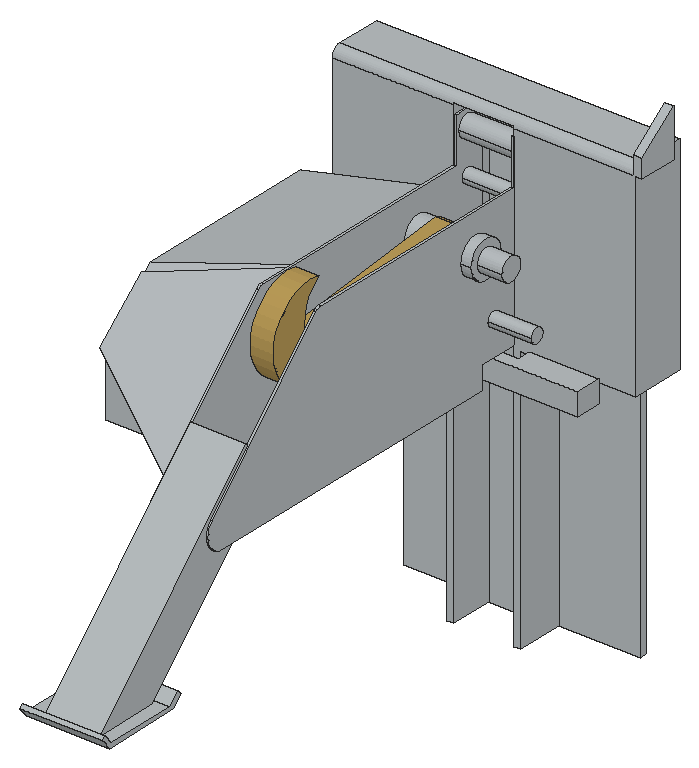
Revit family "Vehicle-Restraint_BlueGiant_HVR303", category Specialty Equipment, Revit 2026
Family settings
  Round Connector Dimension = Use Diameter
  Part Type = Normal
  Classification Number = 23.50.70.27
  Work Plane-Based = Yes
  Enable Cutting in Views = No
  Always vertical = No
  Cut with Voids When Loaded = No
  Maintain Annotation Orientation = No
  Shared = No
  Room Calculation Point = No
Parameters (values of type "HVR303")
  Warranty Duration (Years) = 0
  Unit Width = 1' - 4 1/2"
  Unit Weight = 0
  Unit Height = 2' - 3 7/8"
  Unit Depth = 2' - 7 3/4"
  URL = "http://www.bluegiant.com/"
  Standards Conformance = "ANSI MH30.3 Approved"
  Specification = "http://www.arcat.com/specwizard/clients/bluegian.html?coid=38505"
  SpecWizard = "http://www.arcat.com/specwizard/11160blu/index.htm?mf=&coid=38505"
  Send Message = "http://admin.arcat.com/users.pl?action=UserEmail&company=Blue%20Giant%20Equipment%20Corp.&coid=38505&rep=119&fax=905-457-2313&mf="
  Sales Information = "http://www.bluegiant.com/Loading_Dock_Dealer_Locations.html"
  Product Properties = "http://www.arcat.com/bim/bim_info.pl?fn=DockEquipment_BlueGiant"
  Product Data = "http://www.arcat.com/arcatcos/cos38/arc38505.html"
  Model = "HVR303"
  Manufacturer Website = "http://www.bluegiant.com/"
  Manufacturer Phone - Toll Free = "800-668-7078 "
  Manufacturer Phone = "905-457-3900 "
  Manufacturer Fax = "905-457-2313"
  Manufacturer Address = "85 Heart Lake Rd. S.; Brampton; ON; Canada L6W 3K2"
  Manufacturer = "Blue Giant Equipment Corp."
  Maintenance Schedule (Months) = 0
  Keynote = "11160"
  Installation_Fabricaton = "http://www.bluegiant.com/Guide/Loading_Dock_Equipment.html"
  Installation Phase = ""
  Green Building-LEED = "http://www.arcat.com/green/clients/leed_data_38505.html"
  Expected Lifespan (Years) = 0
  Panel Material = Metal - Blue Giant - Zinc Coated Steel
  Drawn By = "Sumex Design, Inc. / Robert S. Weygant. CSI, CDT, SCIP"
  Description = "Blue Giant HVR303 StrongArm Electric Vehicle Restraint"
  Default Elevation = 0' - 0"
  Copyright = "©Arcat Inc."
  Construction Details = "http://www.arcat.com/details/bluegian/bluegian.html?coid=38505"
  Capacity = "32000 lbs"
  Assembly Code = "E1030300"
  Arm Finish = Metal - Blue Giant - Arm Coating
Reference planes (in)
  plane 1 "Center (Front/Back)": y = -25.67379
  plane 2: z = 0
  plane 3 "Center": x = 909.25628
  plane 4 "Left": x = 917.50628
  plane 5 "Right": x = 901.00628
  plane 6 "Front": z = 27.875
  plane 7: y = -9.79879
  plane 8: y = -41.54879
  plane 9: x = 904.50628
  plane 10: x = 914.00628
  plane 11: z = 25.75
Forms (in)
  Blend 1, solid, material "Metal - Blue Giant - Zinc Coated Steel" <- "Panel Material"
    base sketch origin (939.41256, 925.34498, 0) x (0, -1, 0) y (0, 0, -1)
      loop
        line (938.14377, -18.97712) -> (939.33567, -20.03573) -> (949.58567, -20.03573) -> (952.6045, -17.4115) -> (952.6045, -13.6615) -> (940.6045, -13.6615) -> (939.72062, -14.54538) -> (938.14377, -14.54538) -> (938.14377, -18.97712)
    top sketch origin (939.41256, 925.34498, 0) x (0, -1, 0) y (0, 0, -1)
      loop
        line (938.14377, -20.72225) -> (939.1045, -21.68299) -> (947.69072, -21.68299) -> (952.6045, -17.4115) -> (952.6045, -13.6615) -> (940.6045, -13.6615) -> (939.72062, -14.54538) -> (938.14377, -14.54538) -> (938.14377, -20.72225)
    from -39.15628 to -31.78128
  Extrusion 2, solid, material "Metal - Blue Giant - Zinc Coated Steel" <- "Panel Material"
    sketch origin (912.25628, 924.97362, 0.12686) x (0, -1, 0) y (0, 0, 1)
      loop
        line (934.77241, 25.62314) -> (934.77241, 14.37314) -> (937.77241, 14.37314) -> (937.77241, 25.12314)
        arc (937.77241, 25.12314) -> (937.62596, 25.47669) -> (937.27241, 25.62314) r 0.5
        line (937.27241, 25.62314) -> (934.77241, 25.62314)
    from -5.25 to 11.25
  Extrusion 3, void
    sketch origin (-76.46504, -25.67379, 0) x (1, 0, 0) y (0, 0, 1)
      loop
        line (984.09632, 25.37314) -> (984.09632, 7.67327) -> (987.34632, 7.67327) -> (987.34632, 25.37314) -> (984.09632, 25.37314)
    from -15.21979 to -12.79815
  Extrusion 4, solid, material "Metal - Blue Giant - Zinc Coated Steel" <- "Panel Material"
    sketch origin (907.75628, 925.09093, 0) x (0, -1, 0) y (0, 0, 1)
      loop
        line (950.98265, 22.35061) -> (937.88972, 22.35061) -> (937.88972, 24.85061) -> (936.13972, 24.85061) -> (936.13972, 14.68474) -> (940.07337, 14.68474) -> (940.07337, 13.43474) -> (957.69141, 13.43474)
        arc (957.69141, 13.43474) -> (958.61529, 14.05206) -> (958.39852, 15.14185) r 1
        line (958.39852, 15.14185) -> (951.3362, 22.20417)
        arc (951.3362, 22.20417) -> (951.17399, 22.31255) -> (950.98265, 22.35061) r 0.5
    from 0 to 0.125
  Extrusion 5, solid, material "Metal - Blue Giant - Zinc Coated Steel" <- "Panel Material"
    sketch origin (910.75628, 925.09093, 0) x (0, -1, 0) y (0, 0, -1)
      loop
        arc (950.98265, -22.35061) -> (951.17399, -22.31255) -> (951.3362, -22.20417) r 0.5
        line (951.3362, -22.20417) -> (958.39852, -15.14185)
        arc (958.39852, -15.14185) -> (958.61529, -14.05206) -> (957.69141, -13.43474) r 1
        line (957.69141, -13.43474) -> (940.07337, -13.43474) -> (940.07337, -14.68474) -> (936.13972, -14.68474) -> (936.13972, -24.85061) -> (937.88972, -24.85061) -> (937.88972, -22.35061) -> (950.98265, -22.35061)
    from 0 to 0.125
  Extrusion 6, solid, material "Metal - Blue Giant - Zinc Coated Steel" <- "Panel Material"
    sketch origin (909.25628, 0, 0) x (0, 1, 0) y (0, 0, 1)
      loop
        circle (-12.07684, 24.02992) r 0.5972
      loop
        circle (-12.06963, 21.60316) r 0.38703
      loop
        circle (-15.44691, 20.25905) r 0.92181
    from -1.5 to 1.5
  Extrusion 7, solid, material "Metal - Blue Giant - Arm Coating" <- "Arm Finish"
    sketch origin (909.25628, 0, 0) x (0, 1, 0) y (0, 0, 1)
      loop
        line (-15.29048, 21.24674) -> (-25.70999, 20.15161)
        arc (-25.70999, 20.15161) -> (-25.74458, 21.71876) -> (-24.8473, 23.00409) r 2.5239
        arc (-24.8473, 23.00409) -> (-27.8602, 21.02678) -> (-25.80675, 18.06524) r 2.51641
        line (-25.80675, 18.06524) -> (-15.0645, 19.33506)
        arc (-15.0645, 19.33506) -> (-14.45383, 20.37644) -> (-15.29048, 21.24674) r 1
    from -0.625 to 0.625
  Extrusion 8, solid, material "Metal - Blue Giant - Zinc Coated Steel" <- "Panel Material"
    sketch origin (0, 0.07685, 0) x (1, 0, 0) y (0, 1, 0)
      loop
        line (903.00628, -12.87564) -> (903.00628, -14.29879) -> (915.50628, -14.29879) -> (915.50628, -12.87564) -> (911.75628, -12.87564) -> (911.75628, -13.62564) -> (906.75628, -13.62564) -> (906.75628, -12.87564) -> (903.00628, -12.87564)
    from 13.43474 to 14.68474
  Extrusion 9, solid, material "Metal - Blue Giant - Zinc Coated Steel" <- "Panel Material"
    sketch origin (0, 0, 0) x (1, 0, 0) y (0, 1, 0)
      loop
        line (902.81878, -9.79879) -> (902.81878, -10.17379) -> (907.25628, -10.17379) -> (907.25628, -12.79879) -> (907.63128, -12.79879) -> (907.63128, -10.454) -> (910.88128, -10.454) -> (910.88128, -12.79879) -> (911.25628, -12.79879) -> (911.25628, -10.17379) -> (915.69378, -10.17379) -> (915.69378, -9.79879) -> (902.81878, -9.79879)
    from 0 to 14.54538
  Extrusion 10, solid, material "Metal - Blue Giant - Zinc Coated Steel" <- "Panel Material"
    sketch origin (900.25628, -25.7501, 18.72361) x (0, -0.75471, -0.656059) y (1, 0, 0)
      loop
        line (-4.26083, 7.375) -> (-1.42984, 0) -> (2.32016, 0) -> (7.48917, 7.375) -> (-4.26083, 7.375)
    from 0 to 0.2316
  Extrusion 11, solid, material "Metal - Blue Giant - Zinc Coated Steel" <- "Panel Material"
    sketch origin (909.25628, 0, 0) x (0, 1, 0) y (0, 0, 1)
      loop
        line (-10.67379, 27.875) -> (-12.79879, 26.25) -> (-12.79879, 25.25) -> (-10.67379, 25.25) -> (-10.67379, 27.875)
    from 8.16562 to 8.61183
  Extrusion 12, solid, material "Metal - Blue Giant - Zinc Coated Steel" <- "Panel Material"
    sketch origin (919.75628, 924.80445, 0) x (0, -1, 0) y (0, 0, 1)
      loop
        line (955.68306, 17.77268) -> (953.93306, 16.02268) -> (962.06479, 7.89095) -> (965.56479, 7.89095) -> (955.68306, 17.77268)
    from 9 to 12
  Extrusion 13, solid, material "Metal - Blue Giant - Zinc Coated Steel" <- "Panel Material"
    sketch origin (919.75628, 924.9002, 0) x (0, -1, 0) y (0, 0, 1)
      loop
        line (961.08414, 8.19334) -> (961.62139, 7.65608) -> (965.9669, 7.65608) -> (966.44899, 8.23062) -> (966.27221, 8.40739) -> (965.83887, 7.89095) -> (961.85543, 7.89095) -> (961.3186, 8.42779) -> (961.08414, 8.19334)
    from 8.27275 to 12.75
  Extrusion 14, solid, material "Metal - Blue Giant - Zinc Coated Steel" <- "Panel Material"
    sketch origin (909.25628, 0.6875, 0.3125) x (0, 1, 0) y (0, 0, 1)
      loop
        circle (-14.90604, 16.31404) r 0.375
    from 1.625 to 4.0218
  Extrusion 15, solid, material "Metal - Blue Giant - Zinc Coated Steel" <- "Panel Material"
    sketch origin (909.25628, -1, 0) x (0, 1, 0) y (0, 0, 1)
      loop
        circle (-14.44691, 20.25905) r 1
    from 1.625 to 2.22725
  Extrusion 16, solid, material "Metal - Blue Giant - Zinc Coated Steel" <- "Panel Material"
    sketch origin (909.25628, 0, 0) x (0, 1, 0) y (0, 0, 1)
      loop
        circle (-15.44767, 20.26002) r 0.61835
    from 2.22725 to 3.6054
Cuts and joins
  Extrusion 3 cuts Extrusion 2
  joined: Extrusion 2, Extrusion 9, Extrusion 11
Dimensions and locks (in)
  aligned and locked: Extrusion 2 to plane 4 "Left"
  aligned and locked: plane 5 "Right" to Extrusion 2
Connectors (in)
  electrical at (913.27808, -14.21854, 16.62654)
    settings: on Extrusion 14, index 1, voltage 0 V, apparent load 0 VA, apparent load phase1 0 VA, apparent load phase2 0 VA, apparent load phase3 0 VA, power factor 1, load classification "Other", number of poles 1, system type 13, power factor state 1, is connector primary yes, connector utility no, sub classification motor no, connector description ""
  electrical at (913.27808, -14.21854, 16.62654)
    settings: on Extrusion 14, index 2, voltage 0 V, apparent load 0 VA, apparent load phase1 0 VA, apparent load phase2 0 VA, apparent load phase3 0 VA, power factor 1, load classification "Other", number of poles 1, system type 31, power factor state 1, is connector primary no, connector utility no, sub classification motor no, connector description ""
